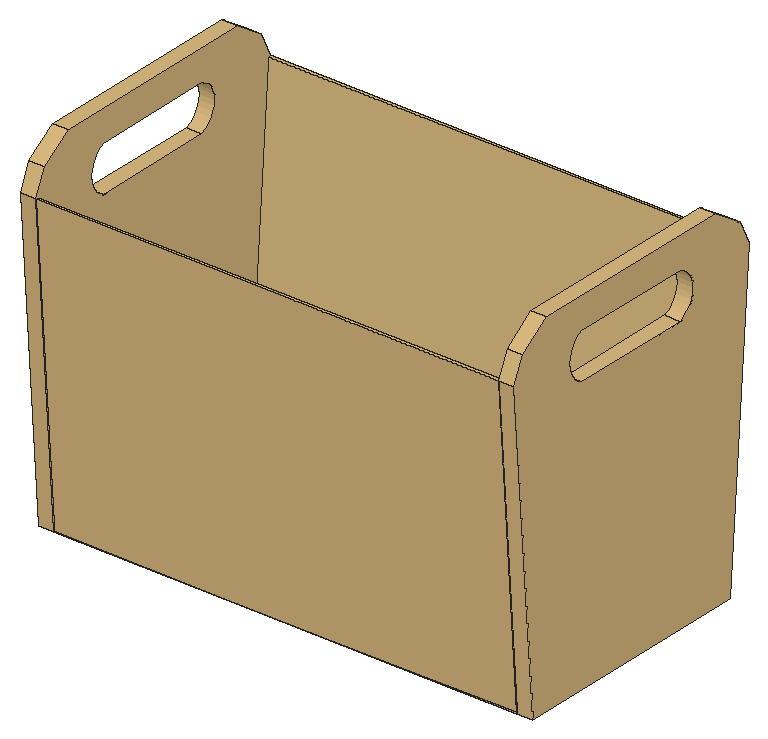
Revit family
Parameters
  Subcategory = "Home Decor"
  SmartBIM Object Version = 3  # constant formula
  SmartBIM Object Created By = "Reed Construction Data"  # constant formula
  Default Elevation = 4' - 0"
  Basket = Wood Pine Yellow
  Assembly Code = "E2020200"
  95 CSI = "11052"  # constant formula
  04 CSI = "11 51 16"  # constant formula
Reference planes (in)
  plane 1 "Center (Front/Back)": y = -11.06844
  plane 2: z = 0
  plane 3 "Center (Left/Right)": x = 0
  plane 4: y = -7.06844
  plane 5: y = -15.06844
  plane 6: x = 8
  plane 7: x = -8
  plane 8: x = 7.5
  plane 9: x = -7.5
Forms (in)
  Extrusion 1, solid, material "Wood Pine Yellow" <- "Basket"
    sketch origin (0, 2.8619, 0) x (0, 1, 0) y (0, 0, 1)
      loop
        line (-18.68034, 10) -> (-17.93314, 0.03739) -> (-17.84832, 0.03739) -> (-18.59552, 10) -> (-18.68034, 10)
    from -7.5 to 7.5
  Extrusion 2, solid, material "Wood Pine Yellow" <- "Basket"
    sketch origin (0, -24.99878, 0) x (0, -1, 0) y (0, 0, -1)
      loop
        line (-18.68034, -10) -> (-18.59552, -10) -> (-17.84832, -0.03739) -> (-17.93314, -0.03739) -> (-18.68034, -10)
    from -7.5 to 7.5
  Extrusion 3, solid, material "Wood Pine Yellow" <- "Basket"
    sketch origin (0, 0, 0) x (0, 1, 0) y (0, 0, -1)
      loop
        line (-7.06844, 0) -> (-15.06844, 0) -> (-15.81844, -10) -> (-15.45873, -10.7714) -> (-14.4894, -11.42522) -> (-7.64747, -11.42522) -> (-6.67815, -10.7714) -> (-6.31844, -10) -> (-7.06844, 0)
      loop
        arc (-9.06844, -10.42522) -> (-8.56015, -9.67522) -> (-9.06844, -8.92522) r 0.80747
        line (-9.06844, -8.92522) -> (-13.06844, -8.92522)
        arc (-13.06844, -8.92522) -> (-13.57672, -9.67522) -> (-13.06844, -10.42522) r 0.80747
        line (-13.06844, -10.42522) -> (-9.06844, -10.42522)
    from 7.5 to 8
  Extrusion 4, solid, material "Wood Pine Yellow" <- "Basket"
    sketch origin (0, 0, 0) x (1, 0, 0) y (0, 1, 0)
      loop
        line (-7.5, -7.06844) -> (-7.5, -15.06844) -> (7.5, -15.06844) -> (7.5, -7.06844) -> (-7.5, -7.06844)
    from 0 to 0.1793
  Extrusion 5, solid, material "Wood Pine Yellow" <- "Basket"
    sketch origin (0, 0, 0) x (0, 1, 0) y (0, 0, 1)
      loop
        line (-7.06844, 0) -> (-6.31844, 10) -> (-6.67815, 10.7714) -> (-7.64747, 11.42522) -> (-14.4894, 11.42522) -> (-15.45873, 10.7714) -> (-15.81844, 10) -> (-15.06844, 0) -> (-7.06844, 0)
      loop
        line (-9.06844, 10.42522) -> (-13.06844, 10.42522)
        arc (-13.06844, 10.42522) -> (-13.57672, 9.67522) -> (-13.06844, 8.92522) r 0.80747
        line (-13.06844, 8.92522) -> (-9.06844, 8.92522)
        arc (-9.06844, 8.92522) -> (-8.56015, 9.67522) -> (-9.06844, 10.42522) r 0.80747
    from 7.5 to 8
Cuts and joins
  joined: Extrusion 1, Extrusion 4
